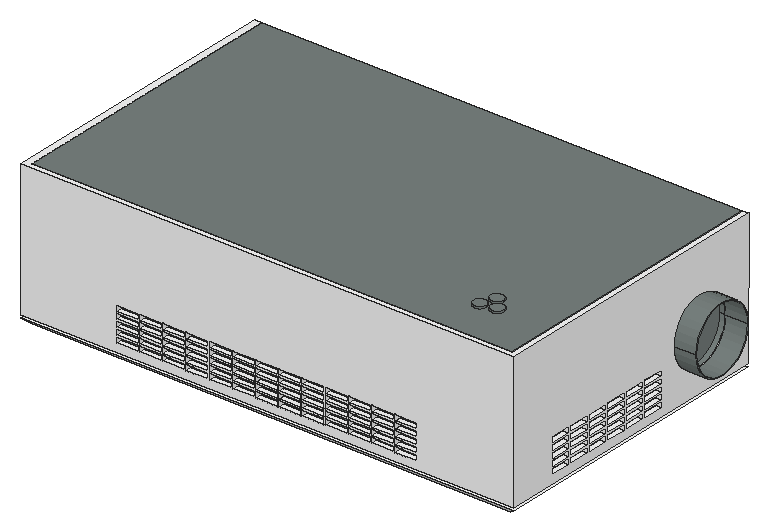
Revit family "AM 300 SSBB", category Mechanical Equipment, Revit 2019
Family settings
  Round Connector Dimension = Use Diameter
  Part Type = Normal
  OmniClass Number = 23.75.00.00
  OmniClass Title = Climate Control (HVAC)
  Work Plane-Based = No
  Always vertical = Yes
  Cut with Voids When Loaded = No
  Shared = No
  Room Calculation Point = No
Parameters
  publication date = "01.05.2023"
  Weight (Standard Unit) = 85  # constant formula
  Water Heating [instance] = yes
  Water Heater Surface Return = 15 mm  # constant formula
  Water Heater Surface IN = 15 mm  # constant formula
  Version number = "1.0"
  URL = "www.airmaster-as.com"
  Total Width = 1180 mm  # constant formula
  Total Hight = 344 mm  # constant formula
  T-C Duct Supply = 187 mm  # constant formula
  T-C Duct Exhaust = 187 mm  # constant formula
  Suply Air In = 160 mm  # constant formula
  R-C Duct Supply = 133 mm  # constant formula
  Phase 1 - Max Power Consumption = "1175 W"
  Phase 1 - Max Current = "7,97 A"
  Nominal current, electrical preheating surface = "4,35 A"
  Nominal current, electrical comfort heating surface = "2,17 A"
  Nominal current, air handling unit = "1,45 A"
  Network Conection = "AWG 24 CAT 5e STP"
  Model = "AM 300 SSBB"
  Max. flow rate 35 dB(A) with ePM10 80% filters = 240.00 m³  # constant formula
  Max. flow rate 35 dB(A) with ePM10 55% filters = 270.00 m³  # constant formula
  Max. flow rate 35 dB(A) with ePM10 50% filters = 275.00 m³  # constant formula
  Max. flow rate 30 dB(A) with ePM10 80% filters = 180.00 m³  # constant formula
  Max. flow rate 30 dB(A) with ePM10 55% filters = 205.00 m³  # constant formula
  Max. flow rate 30 dB(A) with ePM10 50% filters = 210.00 m³  # constant formula
  Manufacturer = "Airmaster A/S"
  Maintenance [instance] = no
  L-C Duct Exhaust = 133 mm  # constant formula
  Exhaust Air = 160 mm  # constant formula
  Total Depth = 703 mm  # constant formula
  Electrical connection = "1 ~ 230 V / N / PE / 50 Hz"
  Drawn By = "LSB"
  Data Sheet = "https://www.airmaster-as.com/media/4938/15583-am300-en-rev-04.pdf"
  Condensate = 6 mm  # constant formula
  BMS Panel = "(PTS) 2x2x0,6"
  BMS Out = "(PTS) 2x2x0,6"
  BMS IN = "(PTS) 2x2x0,6"
  Airlow area [instance] = no
Reference planes
  plane 1 "Center (Front/Back)": y = 0
  plane 2: z = 0
  plane 3 "Center (Left/Right)": x = 0
  plane 4 "Center L/S": y = -703
  plane 5 "Center L/T": x = -590
  plane 6 "Center L/U": x = 590
  plane 7 "TOP": z = 344
  plane 8 "Center L/V": x = -575
  plane 9 "Center L/W": y = -688
  plane 10 "Center L/X": x = 575
  plane 11 "Panel Buttom": z = 20.747
  plane 12 "Panel Top": z = 330.347
  plane 13 "Hatch": z = 14.5
Forms (mm)
  Extrusion 1, solid, material "AM Grey"
    sketch origin (0, 0, 0) x (1, 0, 0) y (0, 1, 0)
      loop
        line (-575, 0) -> (-575, -688) -> (575, -688) -> (575, 0) -> (-575, 0)
    from 14.5 to 344
  Extrusion 2, solid, material "AM White"
    sketch origin (794.5, -1524, 20.747) x (0, -1, 0) y (-1, 0, 0)
      loop
        line (-1524, 1384.5) -> (-1524, 1369.5) -> (-836, 1369.5) -> (-836, 219.5) -> (-1524, 219.5) -> (-1524, 204.5) -> (-821, 204.5) -> (-821, 1384.5) -> (-1524, 1384.5)
    from 0 to -323.253
  Blend 3, solid, material "AM White"
    base sketch origin (-790.646, -1524, 14.5) x (0, -1, 0) y (1, 0, 0)
      loop
        line (-821, 200.646) -> (-821, 1380.646) -> (-1524, 1380.646) -> (-1524, 200.646) -> (-821, 200.646)
    top sketch origin (-790.646, -1524, 14.5) x (0, -1, 0) y (1, 0, 0)
      loop
        line (-836, 218.963) -> (-836, 1362.646) -> (-1509.161, 1362.646) -> (-1509.161, 218.963) -> (-836, 218.963)
    from 0 to -14.5
  Extrusion 4, solid, material "Maintenece", visible <- "Maintenance"
    sketch origin (-790.646, -1524, 0) x (1, 0, 0) y (0, -1, 0)
      loop
        line (200.646, -1524) -> (1380.646, -1524) -> (1380.646, -821) -> (200.646, -821) -> (200.646, -1524)
    from 0 to 1200
  Extrusion 5, solid, material "Maintenece", visible <- "Airlow area"
    sketch origin (590, 0, 24.45) x (0, -1, 0) y (0, 0, -1)
      loop
        line (0, -98.297) -> (703, -98.297) -> (703, 21) -> (0, 21) -> (0, -98.297)
    from 0 to 500
  Extrusion 6, solid, material "AM Grey"
    sketch origin (0, 0, 344) x (1, 0, 0) y (0, 1, 0)
      loop
        circle (428.027, -549.273) r 15.55
    from 0 to 3
  Extrusion 7, solid, material "AM Grey"
    sketch origin (0, 0, 344) x (1, 0, 0) y (0, 1, 0)
      loop
        circle (452.132, -578.023) r 15.55
    from 0 to 3
  Extrusion 8, solid, material "AM Grey"
    sketch origin (0, 0, 344) x (1, 0, 0) y (0, 1, 0)
      loop
        circle (415.201, -584.535) r 15.55
    from 0 to 3
  Extrusion 9, void
    sketch origin (590, -703, 24.45) x (1, 0, 0) y (0, 0, -1)
      loop
        line (-950, -98.297) -> (-897.385, -98.297) -> (-897.385, -84.297) -> (-950, -84.297) -> (-950, -98.297)
      loop
        line (-950, -81.297) -> (-897.385, -81.297) -> (-897.385, -67.297) -> (-950, -67.297) -> (-950, -81.297)
      loop
        line (-950, -64.297) -> (-897.385, -64.297) -> (-897.385, -50.297) -> (-950, -50.297) -> (-950, -64.297)
      loop
        line (-950, -47.297) -> (-897.385, -47.297) -> (-897.385, -33.297) -> (-950, -33.297) -> (-950, -47.297)
      loop
        line (-950, -30.297) -> (-897.385, -30.297) -> (-897.385, -16.297) -> (-950, -16.297) -> (-950, -30.297)
      loop
        line (-894.385, -98.297) -> (-841.769, -98.297) -> (-841.769, -84.297) -> (-894.385, -84.297) -> (-894.385, -98.297)
      loop
        line (-894.385, -81.297) -> (-841.769, -81.297) -> (-841.769, -67.297) -> (-894.385, -67.297) -> (-894.385, -81.297)
      loop
        line (-894.385, -64.297) -> (-841.769, -64.297) -> (-841.769, -50.297) -> (-894.385, -50.297) -> (-894.385, -64.297)
      loop
        line (-894.385, -47.297) -> (-841.769, -47.297) -> (-841.769, -33.297) -> (-894.385, -33.297) -> (-894.385, -47.297)
      loop
        line (-894.385, -30.297) -> (-841.769, -30.297) -> (-841.769, -16.297) -> (-894.385, -16.297) -> (-894.385, -30.297)
      loop
        line (-838.769, -98.297) -> (-786.154, -98.297) -> (-786.154, -84.297) -> (-838.769, -84.297) -> (-838.769, -98.297)
      loop
        line (-838.769, -81.297) -> (-786.154, -81.297) -> (-786.154, -67.297) -> (-838.769, -67.297) -> (-838.769, -81.297)
      loop
        line (-838.769, -64.297) -> (-786.154, -64.297) -> (-786.154, -50.297) -> (-838.769, -50.297) -> (-838.769, -64.297)
      loop
        line (-838.769, -47.297) -> (-786.154, -47.297) -> (-786.154, -33.297) -> (-838.769, -33.297) -> (-838.769, -47.297)
      loop
        line (-838.769, -30.297) -> (-786.154, -30.297) -> (-786.154, -16.297) -> (-838.769, -16.297) -> (-838.769, -30.297)
      loop
        line (-783.154, -98.297) -> (-730.538, -98.297) -> (-730.538, -84.297) -> (-783.154, -84.297) -> (-783.154, -98.297)
      loop
        line (-783.154, -81.297) -> (-730.538, -81.297) -> (-730.538, -67.297) -> (-783.154, -67.297) -> (-783.154, -81.297)
      loop
        line (-783.154, -64.297) -> (-730.538, -64.297) -> (-730.538, -50.297) -> (-783.154, -50.297) -> (-783.154, -64.297)
      loop
        line (-783.154, -47.297) -> (-730.538, -47.297) -> (-730.538, -33.297) -> (-783.154, -33.297) -> (-783.154, -47.297)
      loop
        line (-783.154, -30.297) -> (-730.538, -30.297) -> (-730.538, -16.297) -> (-783.154, -16.297) -> (-783.154, -30.297)
      loop
        line (-727.538, -98.297) -> (-674.923, -98.297) -> (-674.923, -84.297) -> (-727.538, -84.297) -> (-727.538, -98.297)
      loop
        line (-727.538, -81.297) -> (-674.923, -81.297) -> (-674.923, -67.297) -> (-727.538, -67.297) -> (-727.538, -81.297)
      loop
        line (-727.538, -64.297) -> (-674.923, -64.297) -> (-674.923, -50.297) -> (-727.538, -50.297) -> (-727.538, -64.297)
      loop
        line (-727.538, -47.297) -> (-674.923, -47.297) -> (-674.923, -33.297) -> (-727.538, -33.297) -> (-727.538, -47.297)
      loop
        line (-727.538, -30.297) -> (-674.923, -30.297) -> (-674.923, -16.297) -> (-727.538, -16.297) -> (-727.538, -30.297)
      loop
        line (-671.923, -98.297) -> (-619.308, -98.297) -> (-619.308, -84.297) -> (-671.923, -84.297) -> (-671.923, -98.297)
      loop
        line (-671.923, -81.297) -> (-619.308, -81.297) -> (-619.308, -67.297) -> (-671.923, -67.297) -> (-671.923, -81.297)
      loop
        line (-671.923, -64.297) -> (-619.308, -64.297) -> (-619.308, -50.297) -> (-671.923, -50.297) -> (-671.923, -64.297)
      loop
        line (-671.923, -47.297) -> (-619.308, -47.297) -> (-619.308, -33.297) -> (-671.923, -33.297) -> (-671.923, -47.297)
      loop
        line (-671.923, -30.297) -> (-619.308, -30.297) -> (-619.308, -16.297) -> (-671.923, -16.297) -> (-671.923, -30.297)
      loop
        line (-616.308, -98.297) -> (-563.692, -98.297) -> (-563.692, -84.297) -> (-616.308, -84.297) -> (-616.308, -98.297)
      loop
        line (-616.308, -81.297) -> (-563.692, -81.297) -> (-563.692, -67.297) -> (-616.308, -67.297) -> (-616.308, -81.297)
      loop
        line (-616.308, -64.297) -> (-563.692, -64.297) -> (-563.692, -50.297) -> (-616.308, -50.297) -> (-616.308, -64.297)
      loop
        line (-616.308, -47.297) -> (-563.692, -47.297) -> (-563.692, -33.297) -> (-616.308, -33.297) -> (-616.308, -47.297)
      loop
        line (-616.308, -30.297) -> (-563.692, -30.297) -> (-563.692, -16.297) -> (-616.308, -16.297) -> (-616.308, -30.297)
      loop
        line (-560.692, -98.297) -> (-508.077, -98.297) -> (-508.077, -84.297) -> (-560.692, -84.297) -> (-560.692, -98.297)
      loop
        line (-560.692, -81.297) -> (-508.077, -81.297) -> (-508.077, -67.297) -> (-560.692, -67.297) -> (-560.692, -81.297)
      loop
        line (-560.692, -64.297) -> (-508.077, -64.297) -> (-508.077, -50.297) -> (-560.692, -50.297) -> (-560.692, -64.297)
      loop
        line (-560.692, -47.297) -> (-508.077, -47.297) -> (-508.077, -33.297) -> (-560.692, -33.297) -> (-560.692, -47.297)
      loop
        line (-560.692, -30.297) -> (-508.077, -30.297) -> (-508.077, -16.297) -> (-560.692, -16.297) -> (-560.692, -30.297)
      loop
        line (-505.077, -98.297) -> (-452.462, -98.297) -> (-452.462, -84.297) -> (-505.077, -84.297) -> (-505.077, -98.297)
      loop
        line (-505.077, -81.297) -> (-452.462, -81.297) -> (-452.462, -67.297) -> (-505.077, -67.297) -> (-505.077, -81.297)
      loop
        line (-505.077, -64.297) -> (-452.462, -64.297) -> (-452.462, -50.297) -> (-505.077, -50.297) -> (-505.077, -64.297)
      loop
        line (-505.077, -47.297) -> (-452.462, -47.297) -> (-452.462, -33.297) -> (-505.077, -33.297) -> (-505.077, -47.297)
      loop
        line (-505.077, -30.297) -> (-452.462, -30.297) -> (-452.462, -16.297) -> (-505.077, -16.297) -> (-505.077, -30.297)
      loop
        line (-449.462, -98.297) -> (-396.846, -98.297) -> (-396.846, -84.297) -> (-449.462, -84.297) -> (-449.462, -98.297)
      loop
        line (-449.462, -81.297) -> (-396.846, -81.297) -> (-396.846, -67.297) -> (-449.462, -67.297) -> (-449.462, -81.297)
      loop
        line (-449.462, -64.297) -> (-396.846, -64.297) -> (-396.846, -50.297) -> (-449.462, -50.297) -> (-449.462, -64.297)
      loop
        line (-449.462, -47.297) -> (-396.846, -47.297) -> (-396.846, -33.297) -> (-449.462, -33.297) -> (-449.462, -47.297)
      loop
        line (-449.462, -30.297) -> (-396.846, -30.297) -> (-396.846, -16.297) -> (-449.462, -16.297) -> (-449.462, -30.297)
      loop
        line (-393.846, -98.297) -> (-341.231, -98.297) -> (-341.231, -84.297) -> (-393.846, -84.297) -> (-393.846, -98.297)
      loop
        line (-393.846, -81.297) -> (-341.231, -81.297) -> (-341.231, -67.297) -> (-393.846, -67.297) -> (-393.846, -81.297)
      loop
        line (-393.846, -64.297) -> (-341.231, -64.297) -> (-341.231, -50.297) -> (-393.846, -50.297) -> (-393.846, -64.297)
      loop
        line (-393.846, -47.297) -> (-341.231, -47.297) -> (-341.231, -33.297) -> (-393.846, -33.297) -> (-393.846, -47.297)
      loop
        line (-393.846, -30.297) -> (-341.231, -30.297) -> (-341.231, -16.297) -> (-393.846, -16.297) -> (-393.846, -30.297)
      loop
        line (-338.231, -98.297) -> (-285.615, -98.297) -> (-285.615, -84.297) -> (-338.231, -84.297) -> (-338.231, -98.297)
      loop
        line (-338.231, -81.297) -> (-285.615, -81.297) -> (-285.615, -67.297) -> (-338.231, -67.297) -> (-338.231, -81.297)
      loop
        line (-338.231, -64.297) -> (-285.615, -64.297) -> (-285.615, -50.297) -> (-338.231, -50.297) -> (-338.231, -64.297)
      loop
        line (-338.231, -47.297) -> (-285.615, -47.297) -> (-285.615, -33.297) -> (-338.231, -33.297) -> (-338.231, -47.297)
      loop
        line (-338.231, -30.297) -> (-285.615, -30.297) -> (-285.615, -16.297) -> (-338.231, -16.297) -> (-338.231, -30.297)
      loop
        line (-282.615, -98.297) -> (-230, -98.297) -> (-230, -84.297) -> (-282.615, -84.297) -> (-282.615, -98.297)
      loop
        line (-282.615, -81.297) -> (-230, -81.297) -> (-230, -67.297) -> (-282.615, -67.297) -> (-282.615, -81.297)
      loop
        line (-282.615, -64.297) -> (-230, -64.297) -> (-230, -50.297) -> (-282.615, -50.297) -> (-282.615, -64.297)
      loop
        line (-282.615, -47.297) -> (-230, -47.297) -> (-230, -33.297) -> (-282.615, -33.297) -> (-282.615, -47.297)
      loop
        line (-282.615, -30.297) -> (-230, -30.297) -> (-230, -16.297) -> (-282.615, -16.297) -> (-282.615, -30.297)
    from 0 to 15
  Extrusion 10, void
    sketch origin (590, 0, 25.035) x (0, 1, 0) y (0, 0, -1)
      loop
        line (-588.9, -97.712) -> (-536.417, -97.712) -> (-536.417, -83.712) -> (-588.9, -83.712) -> (-588.9, -97.712)
      loop
        line (-588.9, -80.712) -> (-536.417, -80.712) -> (-536.417, -66.712) -> (-588.9, -66.712) -> (-588.9, -80.712)
      loop
        line (-588.9, -63.712) -> (-536.417, -63.712) -> (-536.417, -49.712) -> (-588.9, -49.712) -> (-588.9, -63.712)
      loop
        line (-588.9, -46.712) -> (-536.417, -46.712) -> (-536.417, -32.712) -> (-588.9, -32.712) -> (-588.9, -46.712)
      loop
        line (-588.9, -29.712) -> (-536.417, -29.712) -> (-536.417, -15.712) -> (-588.9, -15.712) -> (-588.9, -29.712)
      loop
        line (-533.417, -97.712) -> (-480.933, -97.712) -> (-480.933, -83.712) -> (-533.417, -83.712) -> (-533.417, -97.712)
      loop
        line (-533.417, -80.712) -> (-480.933, -80.712) -> (-480.933, -66.712) -> (-533.417, -66.712) -> (-533.417, -80.712)
      loop
        line (-533.417, -63.712) -> (-480.933, -63.712) -> (-480.933, -49.712) -> (-533.417, -49.712) -> (-533.417, -63.712)
      loop
        line (-533.417, -46.712) -> (-480.933, -46.712) -> (-480.933, -32.712) -> (-533.417, -32.712) -> (-533.417, -46.712)
      loop
        line (-533.417, -29.712) -> (-480.933, -29.712) -> (-480.933, -15.712) -> (-533.417, -15.712) -> (-533.417, -29.712)
      loop
        line (-477.933, -97.712) -> (-425.45, -97.712) -> (-425.45, -83.712) -> (-477.933, -83.712) -> (-477.933, -97.712)
      loop
        line (-477.933, -80.712) -> (-425.45, -80.712) -> (-425.45, -66.712) -> (-477.933, -66.712) -> (-477.933, -80.712)
      loop
        line (-477.933, -63.712) -> (-425.45, -63.712) -> (-425.45, -49.712) -> (-477.933, -49.712) -> (-477.933, -63.712)
      loop
        line (-477.933, -46.712) -> (-425.45, -46.712) -> (-425.45, -32.712) -> (-477.933, -32.712) -> (-477.933, -46.712)
      loop
        line (-477.933, -29.712) -> (-425.45, -29.712) -> (-425.45, -15.712) -> (-477.933, -15.712) -> (-477.933, -29.712)
      loop
        line (-422.45, -97.712) -> (-369.967, -97.712) -> (-369.967, -83.712) -> (-422.45, -83.712) -> (-422.45, -97.712)
      loop
        line (-422.45, -80.712) -> (-369.967, -80.712) -> (-369.967, -66.712) -> (-422.45, -66.712) -> (-422.45, -80.712)
      loop
        line (-422.45, -63.712) -> (-369.967, -63.712) -> (-369.967, -49.712) -> (-422.45, -49.712) -> (-422.45, -63.712)
      loop
        line (-422.45, -46.712) -> (-369.967, -46.712) -> (-369.967, -32.712) -> (-422.45, -32.712) -> (-422.45, -46.712)
      loop
        line (-422.45, -29.712) -> (-369.967, -29.712) -> (-369.967, -15.712) -> (-422.45, -15.712) -> (-422.45, -29.712)
      loop
        line (-366.967, -97.712) -> (-314.483, -97.712) -> (-314.483, -83.712) -> (-366.967, -83.712) -> (-366.967, -97.712)
      loop
        line (-366.967, -80.712) -> (-314.483, -80.712) -> (-314.483, -66.712) -> (-366.967, -66.712) -> (-366.967, -80.712)
      loop
        line (-366.967, -63.712) -> (-314.483, -63.712) -> (-314.483, -49.712) -> (-366.967, -49.712) -> (-366.967, -63.712)
      loop
        line (-366.967, -46.712) -> (-314.483, -46.712) -> (-314.483, -32.712) -> (-366.967, -32.712) -> (-366.967, -46.712)
      loop
        line (-366.967, -29.712) -> (-314.483, -29.712) -> (-314.483, -15.712) -> (-366.967, -15.712) -> (-366.967, -29.712)
      loop
        line (-311.483, -97.712) -> (-259, -97.712) -> (-259, -83.712) -> (-311.483, -83.712) -> (-311.483, -97.712)
      loop
        line (-311.483, -80.712) -> (-259, -80.712) -> (-259, -66.712) -> (-311.483, -66.712) -> (-311.483, -80.712)
      loop
        line (-311.483, -63.712) -> (-259, -63.712) -> (-259, -49.712) -> (-311.483, -49.712) -> (-311.483, -63.712)
      loop
        line (-311.483, -46.712) -> (-259, -46.712) -> (-259, -32.712) -> (-311.483, -32.712) -> (-311.483, -46.712)
      loop
        line (-311.483, -29.712) -> (-259, -29.712) -> (-259, -15.712) -> (-311.483, -15.712) -> (-311.483, -29.712)
    from 0 to 15
  Extrusion 11, solid, material "AM Grey", visible <- "Water Heating"
    sketch origin (-575, -688, 0) x (0, 1, 0) y (0, 0, -1)
      loop
        circle (325.216, -242.139) r 15.55
    from 0 to 36
  Extrusion 12, solid, material "AM Grey", visible <- "Water Heating"
    sketch origin (-575, -836.92, 39.903) x (0, 1, 0) y (0, 0, -1)
      loop
        circle (325.216, -242.139) r 15.55
    from 0 to 36
  Extrusion 13, solid, material "AM Grey"
    sketch origin (590, 0, 20.747) x (0, -1, 0) y (0, 0, -1)
      loop
        circle (145.99, -136.259) r 77.16
      loop
        circle (145.99, -136.259) r 78
    from 0 to 54
  Extrusion 14, solid, material "AM Grey"
    sketch origin (-590, 0, -323.253) x (0, -1, 0) y (0, 0, 1)
      loop
        circle (145.99, 479.378) r 77.16
      loop
        circle (145.99, 479.378) r 78
    from 0 to 53
  Extrusion 15, void
    sketch origin (-590, 0, 20.747) x (0, 1, 0) y (0, 0, 1)
      loop
        circle (-145.99, 135.378) r 78
    from 15 to -21
  Extrusion 16, void
    sketch origin (590, 0, 20.747) x (0, 1, 0) y (0, 0, -1)
      loop
        circle (-145.99, -136.259) r 78
    from 0 to 15
Cuts and joins
  Extrusion 9, Extrusion 10, Extrusion 15, Extrusion 16 cuts Extrusion 1
  Extrusion 9, Extrusion 10, Extrusion 15, Extrusion 16 cuts Extrusion 2
  Extrusion 10, Extrusion 16 cuts Extrusion 5
  Extrusion 16 cuts Extrusion 13
Dimensions and locks
  "Total Depth": plane 4 "Center L/S" to plane 1 "Center (Front/Back)"
  equal spacing: plane 5 "Center L/T", plane 3 "Center (Left/Right)", plane 6 "Center L/U"
  "Total Width": plane 5 "Center L/T" to plane 6 "Center L/U"
  "Total Hight": plane 7 "TOP" to level
  locked: plane 10 "Center L/X" to plane 6 "Center L/U" at 15
  locked: plane 4 "Center L/S" to plane 9 "Center L/W" at 15
  locked: plane 5 "Center L/T" to plane 8 "Center L/V" at 15
  Extrusion 1 to Blend 3 sketch curve = 14.839 mm
  aligned and locked: level to plane 2
  aligned and locked: plane 1 "Center (Front/Back)" to Extrusion 1 sketch curve
  aligned and locked: plane 8 "Center L/V" to Extrusion 1 sketch curve
  aligned and locked: Extrusion 1 sketch curve to plane 9 "Center L/W"
  aligned and locked: Extrusion 1 sketch curve to plane 10 "Center L/X"
  aligned and locked: plane 7 "TOP" to Extrusion 1
  aligned and locked: plane 5 "Center L/T" to Extrusion 2 sketch curve
  aligned and locked: plane 4 "Center L/S" to Extrusion 2 sketch curve
  aligned and locked: plane 6 "Center L/U" to Extrusion 2 sketch curve
  aligned and locked: Extrusion 2 sketch curve to Extrusion 1  (x3)
  aligned and locked: plane 1 "Center (Front/Back)" to Extrusion 2 sketch curve
  aligned and locked: Blend 3 to plane 2
  aligned and locked: plane 13 "Hatch" to Extrusion 1
Automatic sketch dimensions
  plane 1 "Center (Front/Back)" to Extrusion 2 sketch curve = 0 mm
  plane 1 "Center (Front/Back)" to Blend 3 sketch curve = 0 mm
  plane 4 "Center L/S" to Blend 3 sketch curve = 0 mm
  plane 5 "Center L/T" to Blend 3 sketch curve = 0 mm
  Blend 3 sketch curve to plane 6 "Center L/U" = 0 mm
  plane 9 "Center L/W" to Blend 3 sketch curve = 0 mm
  plane 8 "Center L/V" to Blend 3 sketch curve = 3.316 mm
  Blend 3 sketch curve to plane 10 "Center L/X" = 3 mm
  Extrusion 4 sketch curve to Blend 3 = 18.316 mm
  Extrusion 4 sketch curve to Blend 3 = 18 mm
  Extrusion 4 sketch curve to Blend 3 = 15 mm
  Extrusion 4 sketch curve to Blend 3 = 14.839 mm
  Extrusion 5 sketch curve to plane 1 "Center (Front/Back)" = 0 mm
  Extrusion 5 sketch curve to plane 4 "Center L/S" = 0 mm
  Extrusion 5 sketch curve to plane 11 "Panel Buttom" = 102 mm
  level to Extrusion 5 sketch curve = 3.45 mm
  Extrusion 6 sketch curve to Extrusion 1 = 146.973 mm
  Extrusion 6 sketch curve to Extrusion 1 = 138.727 mm
  Extrusion 7 sketch curve to Extrusion 1 = 122.868 mm
  Extrusion 7 sketch curve to Extrusion 1 = 109.977 mm
  Extrusion 8 sketch curve to Extrusion 1 = 159.799 mm
  Extrusion 8 sketch curve to Extrusion 1 = 103.465 mm
  Extrusion 9 sketch curve to Extrusion 2 = 102 mm  (x2)
  Extrusion 9 sketch curve to Extrusion 2 = 230 mm
  Extrusion 9 sketch curve to Extrusion 2 = 20 mm
  Extrusion 9 sketch curve to Extrusion 9 sketch curve = 0 mm  (x115)
  Extrusion 9 sketch curve to Extrusion 9 sketch curve = 52.615 mm  (x13)
  Extrusion 9 sketch curve to Extrusion 9 sketch curve = 3 mm  (x88)
  Extrusion 9 sketch curve to Extrusion 9 sketch curve = 14 mm  (x40)
  Extrusion 2 to Extrusion 10 sketch curve = 114.1 mm
  Extrusion 10 sketch curve to Extrusion 10 sketch curve = 0 mm  (x59)
  Extrusion 10 sketch curve to Extrusion 10 sketch curve = 52.483 mm  (x6)
  Extrusion 10 sketch curve to Extrusion 10 sketch curve = 3 mm  (x38)
  Extrusion 10 sketch curve to Extrusion 2 = 102 mm  (x2)
  Extrusion 10 sketch curve to Extrusion 10 sketch curve = 14 mm  (x14)
  Extrusion 1 to Extrusion 11 sketch curve = 101.861 mm
  Extrusion 11 sketch curve to Extrusion 1 = 325.216 mm
  Extrusion 1 to Extrusion 12 sketch curve = 61.958 mm
  Extrusion 12 sketch curve to Extrusion 1 = 176.296 mm
  Extrusion 14 sketch curve to Extrusion 14 sketch curve = 0 mm  (x2)
  Extrusion 14 sketch curve to Extrusion 2 = 145.99 mm
  Extrusion 2 to Extrusion 14 sketch curve = 187.875 mm
  Extrusion 13 sketch curve to Extrusion 13 sketch curve = 0 mm  (x2)
  Extrusion 2 to Extrusion 13 sketch curve = 145.99 mm
  Extrusion 2 to Extrusion 13 sketch curve = 186.995 mm
  Extrusion 15 sketch curve to Extrusion 15 sketch curve = 0 mm  (x2)
  Extrusion 2 to Extrusion 15 sketch curve = 145.99 mm
  Extrusion 15 sketch curve to Extrusion 2 = 135.378 mm
  Extrusion 15 sketch curve to Extrusion 15 sketch curve = 78 mm
  Extrusion 16 sketch curve to Extrusion 16 sketch curve = 0 mm  (x2)
  Extrusion 16 sketch curve to Extrusion 2 = 145.99 mm
  Extrusion 16 sketch curve to Extrusion 2 = 136.259 mm
  Extrusion 16 sketch curve to Extrusion 16 sketch curve = 78 mm
  radius of Extrusion 6 sketch curve = 15.55 mm
  radius of Extrusion 7 sketch curve = 15.55 mm
  radius of Extrusion 8 sketch curve = 15.55 mm
  radius of Extrusion 11 sketch curve = 15.55 mm
  radius of Extrusion 12 sketch curve = 15.55 mm
  radius of Extrusion 14 sketch curve = 77.16 mm
  radius of Extrusion 14 sketch curve = 78 mm
  radius of Extrusion 13 sketch curve = 77.16 mm
  radius of Extrusion 13 sketch curve = 78 mm
Nested families
  nested 1: "Model Label 2019" at (0, -361.924, 0), Label <- "Model", type "Model Label 2019"
    with Label "AM 300 SSBB"
  nested 2: "Pil Indtag" at (1100, -364, 0) x (-1, 0, 0) z (0, 0, 1), type "Pil Indtag"
    with dX_ 609 mm, dX 609 mm, ang2D 0.00°
  nested 3: "indblæssymbol" at (0, -803, 0) x (0, -1, 0) z (0, 0, 1), type "indblæssymbol"
    with dX_ 609 mm, dX 609 mm, ang2D 0.00°
Connectors
  electrical at (428.027, -549.273, 344)
    settings: on Extrusion 6, index 13, voltage 230 V, apparent load 0 VA, apparent load phase1 0 VA, apparent load phase2 0 VA, apparent load phase3 0 VA, power factor 0.55, load classification "Other", number of poles 1, system type 30, power factor state 1, is connector primary yes, connector utility no, sub classification motor no, connector description ""
  electrical at (452.132, -578.023, 344), driven by "BMS Out"
    settings: on Extrusion 7, index 14, voltage 0 V, apparent load 0 VA, apparent load phase1 0 VA, apparent load phase2 0 VA, apparent load phase3 0 VA, power factor 1, load classification "Other", number of poles 1, system type 5, power factor state 1, is connector primary no, connector utility no, sub classification motor no, connector description "(PTS) 2x2x0,6"
  electrical at (415.201, -584.535, 344), driven by "BMS IN"
    settings: on Extrusion 8, index 15, voltage 0 V, apparent load 0 VA, apparent load phase1 0 VA, apparent load phase2 0 VA, apparent load phase3 0 VA, power factor 1, load classification "Other", number of poles 1, system type 5, power factor state 1, is connector primary no, connector utility no, sub classification motor no, connector description "(PTS) 2x2x0,6"
  piping at (-611, -362.784, 242.139), diameter 15, driven by "Water Heater Surface IN"
    settings: on Extrusion 11, index 16, connector inside diameter 609.6 mm, connector length 0 mm, flow factor 0, pipe flow 0.0 L/s, pressure drop 0.0 Pa, fitting loss kfactor 0, connector angle 0.00°, fixture units 0, engagement length 0 mm, angle of deflection 0.00°, flow configuration 0, flow direction 1, fitting loss method 0, system type 19, joint type 0, gender type 0, connector reference index -1, connector utility 0, adjustable connector no, is connector primary yes, connector description ""
  piping at (-611, -511.704, 282.042), diameter 15, driven by "Water Heater Surface IN"
    settings: on Extrusion 12, index 17, connector inside diameter 609.6 mm, connector length 0 mm, flow factor 0, pipe flow 0.0 L/s, pressure drop 0.0 Pa, fitting loss kfactor 0, connector angle 0.00°, fixture units 0, engagement length 0 mm, angle of deflection 0.00°, flow configuration 0, flow direction 2, fitting loss method 0, system type 19, joint type 0, gender type 0, connector reference index -1, connector utility 0, adjustable connector no, is connector primary no, connector description ""
  hvac at (590, -145.99, 157.005), driven by "Suply Air In"
    settings: on Extrusion 13, index 20, duct flow 0.0 L/s, flow factor 0, pres drop 0.0 Pa, loss coef 0, conn angle 0.00°, conn width 304.8 mm, conn height 304.8 mm, conn diameter 160 mm, duct sys type 3, conn prof type 0, flow config 0, flow direction 1, loss method 0, conn ref index -1, conn util no, is conn primary yes, conn desc ""
  hvac at (-590, -145.99, 156.125)
    settings: on Extrusion 14, index 21, duct flow 0.0 L/s, flow factor 0, pres drop 0.0 Pa, loss coef 0, conn angle 0.00°, conn width 304.8 mm, conn height 304.8 mm, conn diameter 160 mm, duct sys type 1, conn prof type 0, flow config 0, flow direction 1, loss method 0, conn ref index -1, conn util no, is conn primary no, conn desc ""
Definition of nested family "Model Label 2019"
  Parameters (values of type "Model Label 2019")
    Label [instance] = ""
  Reference planes
    plane 1: y = 0
    plane 2: x = 0
  Text (mm)
    label "Label" at (-0.131, 0.049, 0), shows "Label"
Definition of nested family "Pil Indtag"
  Parameters (values of type "Pil Indtag")
    dX_ [instance] = if(dX = 0 mm, 1 mm, dX)  # 609 mm
    dX [instance] = 609 mm
    ang2D [instance] = 0.00°
    Type Comments = "DO NOT CHANGE dX value from 608 mm ( 2 ft )"
    Afstand pil = 50 mm
  Reference planes
    plane 1 "Center (Front/Back)": y = 0
    plane 2: z = 0
    plane 3 "Center (Left/Right)": x = 0
    plane 4: x = 500
  Lines and regions (mm)
    Filled region 1, type "Concrete", in view "Ref. Level"
      outline origin (0, 0, 0) x (1, 0, 0) y (0, 1, 0)
        loop
          line (499.552, 0) -> (401.072, 17.365) -> (401.072, -17.365) -> (499.552, 0)
    reference lines, in view "Ref. Level"
      curve 1: line (50, 134.129, 0) -> (50, -145.871, 0)
    detail lines, in view "Ref. Level", not visible
      curve 2: arc (335, 0, 0) -> (385.559, -50.321, 0) -> (434.999, 1.101, 0) r 50.01
      curve 3: arc (335, 0, 0) -> (285.666, 52.633, 0) -> (235.069, 1.212, 0) r 50.01
      curve 4: line (434.999, 1.101, 0) -> (434.999, 21.156, 0)
      curve 5: line (235.069, 1.212, 0) -> (235.069, -18.844, 0)
    detail lines, in view "Ref. Level"
      curve 6: arc (225.332, 0, 0) -> (272.332, -35.211, 0) -> (294.114, 19.326, 0) r 36.995
      curve 7: arc (225.206, 0, 0) -> (173.868, 30.307, 0) -> (156.85, -26.829, 0) r 37.835
      curve 8: line (499.552, 0, 0) -> (401.072, 17.365, 0)
      curve 9: line (401.072, 17.365, 0) -> (401.072, -17.365, 0)
      curve 10: line (401.072, -17.365, 0) -> (499.552, 0, 0)
      curve 11: line (499.552, 0, 0) -> (-15.448, 0, 0)
  Dimensions and locks
    "Afstand pil": plane 3 "Center (Left/Right)" to curve 1
    plane 3 "Center (Left/Right)" to plane 4 = 500 mm
  Automatic sketch dimensions
    plane 1 "Center (Front/Back)" to Filled region 1 sketch curve = 0 mm
    Filled region 1 sketch curve to plane 4 = 0.448 mm
    plane 1 "Center (Front/Back)" to Filled region 1 sketch curve = 17.365 mm
    Filled region 1 sketch curve to plane 4 = 98.928 mm
    Filled region 1 sketch curve to plane 1 "Center (Front/Back)" = 17.365 mm
    plane 1 "Center (Front/Back)" to curve 11 = 0 mm
    plane 1 "Center (Front/Back)" to curve 7 = 4.913 mm
    plane 3 "Center (Left/Right)" to curve 7 = 187.691 mm
    curve 6 to plane 1 "Center (Front/Back)" = 0.405 mm
    curve 7 to curve 6 = 74.634 mm
    curve 9 to plane 1 "Center (Front/Back)" = 17.365 mm
    curve 9 to plane 4 = 98.928 mm
    curve 11 to plane 4 = 0.448 mm
    plane 1 "Center (Front/Back)" to curve 10 = 17.365 mm
    curve 7 to curve 7 = 30.842 mm
    curve 11 to plane 3 "Center (Left/Right)" = 15.448 mm
    curve 7 to curve 6 = 37.119 mm
    curve 7 to curve 6 = 0.126 mm
    curve 6 to plane 1 "Center (Front/Back)" = 19.326 mm
    plane 1 "Center (Front/Back)" to curve 1 = 145.871 mm
    curve 1 to plane 1 "Center (Front/Back)" = 134.129 mm
Definition of nested family "indblæssymbol"
  Parameters (values of type "indblæssymbol")
    dX_ [instance] = if(dX = 0 mm, 1 mm, dX)  # 609 mm
    dX [instance] = 609 mm
    ang2D [instance] = 0.00°
    Type Comments = "DO NOT CHANGE dX value from 608 mm ( 2 ft )"
    Afstand pil = 50 mm
  Reference planes
    plane 1 "Center (Front/Back)": y = 0
    plane 2: z = 0
    plane 3 "Center (Left/Right)": x = 0
  Lines and regions (mm)
    Filled region 1, type "Concrete", in view "Ref. Level"
      outline origin (50.005, 0, 0) x (1, 0, 0) y (0, 1, 0)
        loop
          line (399.995, 0.414) -> (301.442, 17.365) -> (301.588, -17.365) -> (399.995, 0.414)
    reference lines, in view "Ref. Level"
      curve 1: line (50, 134.129, 0) -> (50, -145.871, 0)
    detail lines, in view "Ref. Level"
      curve 2: line (351.52, 0, 0) -> (50, 0, 0)
  Dimensions and locks
    "Afstand pil": plane 3 "Center (Left/Right)" to curve 1
    curve 1 to Filled region 1 = 400 mm
  Automatic sketch dimensions
    Filled region 1 sketch curve to plane 1 "Center (Front/Back)" = 0.414 mm
    plane 3 "Center (Left/Right)" to Filled region 1 sketch curve = 450 mm
    plane 1 "Center (Front/Back)" to Filled region 1 sketch curve = 17.365 mm
    Filled region 1 sketch curve to Filled region 1 sketch curve = 98.407 mm
    Filled region 1 sketch curve to plane 1 "Center (Front/Back)" = 17.365 mm
    Filled region 1 sketch curve to Filled region 1 sketch curve = 0.146 mm
    plane 1 "Center (Front/Back)" to curve 2 = 0 mm
    plane 3 "Center (Left/Right)" to curve 2 = 50 mm
    curve 2 to curve 2 = 301.52 mm
    plane 1 "Center (Front/Back)" to curve 1 = 145.871 mm
    curve 1 to plane 1 "Center (Front/Back)" = 134.129 mm
